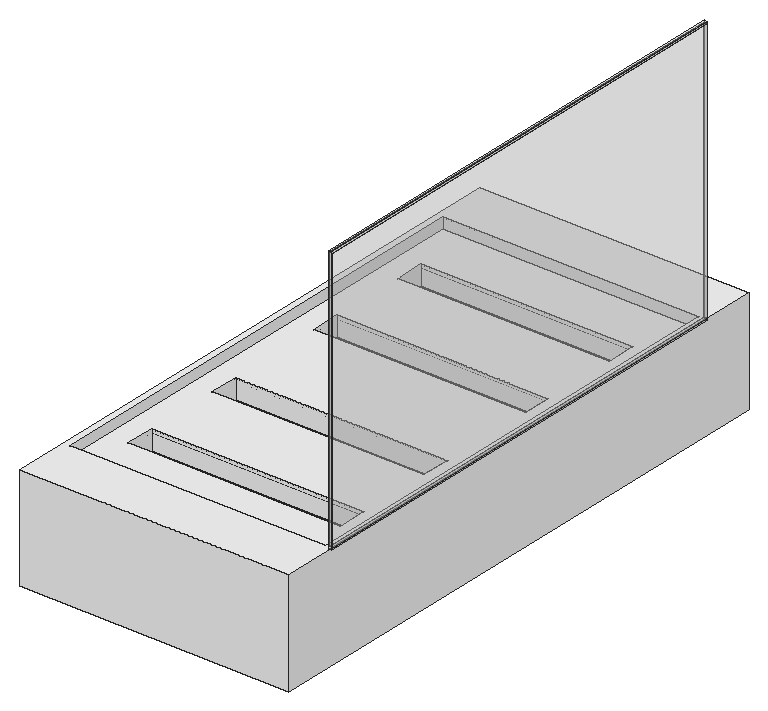
Revit family "Building-SurfaceMountingEnclosures-GEWISS-40CDK-ENCLOSURES_IP65_4X", category Apparecchi elettrici, host Superficie, Revit 2016
Family settings
  Host = Superficie
  Mantenere orientamento annotazione = Sì
  Tipo di parte = Normale
  Quota connettore circolare = Usa diametro
  Numero OmniClass = 23.80.30.11.17
  Titolo OmniClass = Distribution Boards and Control Panels
  Taglio con vuoti quando caricato = No
  Condiviso = No
  Punto di calcolo locali = Sì
Parameters (values of type "GW40109 - SUR. MOU. DISTRIB.BOARD 72M.(18X4) IP65")
  voltaggio_quadro = 0 V
  h_pannello = H_quadro - 160 mm  # 718 mm
  fase1 = 0 VA
  Version file RFA = "18.0"
  VISIBILITA'_QUADRO_IN PIANTA [instance] = yes
  VISIBILITA'_ETICHETTA QUADRO [instance] = yes
  URL = "https://www.gewiss.com/ww/en"
  Type of material = "Halogen-free in compliance with EN 60754-2"
  Thermo-pressure with ball = "70 °C"
  Technical sheet = "https://www.gewiss.com/ww/en/search?q=GW40109"
  Standard. = "EN 60670-1 (CEI 23-48) IEC60670-24 CEI 23-49"
  Standard = "EN 60670-1 (CEI 23-48) IEC60670-24 CEI 23-49"
  Spostamento_x [instance] = 1000 mm
  Spostamento_effettivo_x [instance] = 1000 mm + Spostamento_x  # 2000 mm
  Spostamento_effettivo_x_et [instance] = 1000 mm + Spostamento_x_et  # 2060 mm
  Spostamento_x_et = 1060 mm
  VISIBILITA'_SPORTELLO [instance] = yes
  VISIBILITA'_SIMBOLO_2D [instance] = yes
  Shock resistance = "IK09"
  SEO = "Board"
  Realized by GEWISS S.p.A. = ""
  Rated voltage = "400V"
  Rated insulation voltage (Ui) = "1000 V"
  Rated current: = "125A"
  QUADRO = FINITURA BIANCA
  Default Elevation = 1219.2 mm
  Prondita_quadro = 160 mm  # constant formula
  Produttore = "GEWISS S.p.A."
  Outer dim. LxHxD (mm) = "410x878x160"
  Operating temperature = "-25 +60 °C"
  Nome quadro [instance] = "Nome quadro"
  No. of modules EN 50022: = "72 (18x4)"
  No. of modules EN 50022 = "72 (18x4)"
  N.M. = 18
  Modello = "GW40109"
  Max. installable terminal blocks = "4 x 18 modules"
  L_quadro = 410 mm
  L_finestratura = Dimensione modulo * N.M.  # 324 mm
  Insulation voltage: = "1000 V according to EN 62208 both in ac as well as in dc"
  Insulation class = "II (according to IEC 61140 standards)"
  IP degree = "IP65"
  IDT = "7e0685bc-1a66-4e12-9668-7a0b7038d661"
  IDF = "e275c9cb-e94d-4235-9db2-dc04921218fb"
  H_quadro = 878 mm
  H_finestratura = 45 mm  # constant formula
  Glow Wire Test = "650°C"
  Electrocod = "0321"
  EAN code = "8011564062269"
  Door colour = "Smoked Transparent"
  Dispersible power (W) = "89"
  Dimensione modulo = 18 mm
  Diametro_tubazione = 30 mm
  Descrizione = "SUR. MOU. DISTRIB.BOARD 72M.(18X4) IP65"
  Colour = "Grey RAL 7035"
  Catalogue Range = "40 CDK"
  Catalogue = "BUILDING"
  COBie.Tagnumber = ""
  COBie.CreatedOn = ""
  COBie.CreatebBy = ""
  COBie.ComponentRegisterItemID = ""
  COBie.Component.TagNumber = ""
  COBie.Component.Space = ""
  COBie.Component.SerialNumber = ""
  COBie.Component.InstallationDate = ""
  COBie.Component.Description = ""
  COBie.Component.BarCode = ""
  Apertura [instance] = 48.3006°
  Accessories for insulation restoring = "Screwcaps (GW44623) or fixing brackets in resin (GW44621)"
Reference planes
  plane 1 "Centro (Fronte/Retro)": y = 0
  plane 2: z = 0
  plane 3 "Centro (Sinistra/Destra)": x = 0
  plane 4: x = -205
  plane 5: y = -439
  plane 6: x = 205
  plane 7: y = 439
  plane 8: x = -162
  plane 9: x = 162
  plane 10: z = 160
  plane 11: y = 356
  plane 12: y = -356
  plane 13 "POSIZIONE": z = 144
  plane 14: z = 114
  plane 15: z = 139
  plane 16: x = -2000
  plane 17: x = 0
  plane 18: z = 554
  plane 19: y = 7.5
  plane 20: y = -7.5
  plane 21: x = -195
  plane 22: x = 195
  plane 23: y = -104
  plane 24: y = -81.5
  plane 25: y = -126.5
  plane 26: y = -264
  plane 27: y = -241.5
  plane 28: y = -286.5
  plane 29: y = 90
  plane 30: y = 67.5
  plane 31: y = 112.5
  plane 32: y = 250
  plane 33: y = 227.5
  plane 34: y = 272.5
  plane 35: x = 60
  plane 36: y = -207.5
  plane 37: y = -132.5
  plane 38: y = -47.5
  plane 39: y = 47.5
  plane 40: y = 132.5
  plane 41: y = 207.5
  plane 42: z = 170
  plane 43: y = -336
  plane 44: y = 336
Forms (mm)
  Extrusion 1, solid, material "FINITURA BIANCA" <- "QUADRO"
    sketch origin (0, 0, 0) x (1, 0, 0) y (0, 1, 0)
      loop
        line (-205, 439) -> (-205, -439) -> (205, -439) -> (205, 439) -> (-205, 439)
    from 0 to 160
  Extrusion 2, void
    sketch origin (0, 0, 0) x (1, 0, 0) y (0, 1, 0)
      loop
        line (-195, 356) -> (-195, -356) -> (195, -356) -> (195, 356) -> (-195, 356)
    from 144 to 160
  Extrusion 3, void
    sketch origin (0, 0, 144) x (-1, 0, 0) y (0, -1, 0)
      loop
        line (162, -272.5) -> (162, -227.5) -> (-162, -227.5) -> (-162, -272.5) -> (162, -272.5)
      loop
        line (162, -112.5) -> (162, -67.5) -> (-162, -67.5) -> (-162, -112.5) -> (162, -112.5)
      loop
        line (162, 81.5) -> (162, 126.5) -> (-162, 126.5) -> (-162, 81.5) -> (162, 81.5)
      loop
        line (162, 241.5) -> (162, 286.5) -> (-162, 286.5) -> (-162, 241.5) -> (162, 241.5)
    from -30 to 0
  Extrusion 4, solid, material "SUP_TRASPARENTE"
    sketch origin (0, 0, 114) x (-1, 0, 0) y (0, -1, 0)
      loop
        line (162, -272.5) -> (162, -227.5) -> (-162, -227.5) -> (-162, -272.5) -> (162, -272.5)
      loop
        line (162, -112.5) -> (162, -67.5) -> (-162, -67.5) -> (-162, -112.5) -> (162, -112.5)
      loop
        line (162, 81.5) -> (162, 126.5) -> (-162, 126.5) -> (-162, 81.5) -> (162, 81.5)
      loop
        line (162, 241.5) -> (162, 286.5) -> (-162, 286.5) -> (-162, 241.5) -> (162, 241.5)
    from 25 to 30
Cuts and joins
  Extrusion 2, Extrusion 3 cuts Extrusion 1
Lines and regions (mm)
  Masking region 1, visible <- "VISIBILITA'_QUADRO_IN PIANTA"
    outline origin (0, 0, 0) x (1, 0, 0) y (0, 0, 1)
      loop
        line (-205, 160) -> (-205, 0) -> (205, 0) -> (205, 160) -> (-205, 160)
  model lines, style "InvisibleLines"
    curve 1: line (-162, 90, 144) -> (162, 90, 144)
    curve 2: line (-162, 250, 144) -> (162, 250, 144)
    curve 3: line (-162, -104, 144) -> (162, -104, 144)
    curve 4: line (-162, -264, 144) -> (162, -264, 144)
Dimensions and locks
  equal spacing: plane 8, plane 3 "Centro (Sinistra/Destra)", plane 9
  equal spacing: plane 4, plane 3 "Centro (Sinistra/Destra)", plane 6
  equal spacing: plane 7, plane 1 "Centro (Fronte/Retro)", plane 5
  "L_quadro": plane 4 to plane 6
  "H_quadro": plane 7 to plane 5
  "Prondita_quadro": plane 10 to plane 2
  "L_finestratura": plane 8 to plane 9
  plane 7 to plane 11 = 83 mm
  plane 12 to plane 5 = 83 mm
  locked: plane 13 "POSIZIONE" to plane 14 at 30
  locked: plane 10 to plane 13 "POSIZIONE" at 16
  locked: plane 13 "POSIZIONE" to plane 15 at 5
  plane 16 to plane 3 "Centro (Sinistra/Destra)" = 2000 mm
  "Spostamento_effettivo_x": plane 16 to plane 17
  "L_quadro": plane 18 to plane 13 "POSIZIONE"
  plane 11 to plane 1 "Centro (Fronte/Retro)" = 356 mm
  locked: plane 4 to plane 21 at 10
  locked: plane 22 to plane 6 at 10
  equal spacing: plane 20, plane 1 "Centro (Fronte/Retro)", plane 19
  equal spacing: plane 24, plane 23, plane 25
  plane 24 to plane 25 = 45 mm
  equal spacing: plane 27, plane 26, plane 28
  "H_finestratura": plane 27 to plane 28
  plane 28 to plane 12 = 69.5 mm
  plane 25 to plane 27 = 115 mm
  equal spacing: plane 30, plane 29, plane 31
  equal spacing: plane 33, plane 32, plane 34
  "Spostamento_effettivo_x_et": plane 16 to plane 35
  locked: plane 42 to plane 10 at 10
  locked: plane 11 to plane 44 at 20
  locked: plane 43 to plane 12 at 20
  aligned and locked: plane 2 to host face
  aligned and locked: level to host face
  aligned and locked: Extrusion 1 sketch curve to plane 4
  aligned and locked: Extrusion 1 sketch curve to plane 7
  aligned and locked: Extrusion 1 sketch curve to plane 6
  aligned and locked: Extrusion 1 sketch curve to plane 5
  aligned and locked: plane 10 to Extrusion 1
  aligned and locked: Extrusion 2 sketch curve to plane 11
  aligned and locked: Extrusion 2 sketch curve to plane 12
  aligned and locked: Extrusion 2 to plane 13 "POSIZIONE"
  aligned and locked: plane 10 to Extrusion 2
  aligned and locked: Masking region 1 sketch curve to plane 4
  aligned and locked: Masking region 1 sketch curve to plane 6
  aligned and locked: Masking region 1 sketch curve to level
  aligned and locked: Masking region 1 sketch curve to plane 10
  aligned and locked: plane 17 to nested 2
  aligned and locked: Extrusion 2 sketch curve to plane 21
  aligned and locked: Extrusion 2 sketch curve to plane 22
  aligned and locked: Extrusion 3 sketch curve to plane 8
  aligned and locked: plane 33 to Extrusion 3 sketch curve
  aligned and locked: plane 34 to Extrusion 3 sketch curve
  aligned and locked: Extrusion 3 sketch curve to plane 9
  aligned and locked: plane 31 to Extrusion 3 sketch curve
  aligned and locked: plane 30 to Extrusion 3 sketch curve
  aligned and locked: Extrusion 3 sketch curve to plane 24
  aligned and locked: Extrusion 3 sketch curve to plane 25
  aligned and locked: Extrusion 3 sketch curve to plane 27
  aligned and locked: Extrusion 3 sketch curve to plane 28
  aligned and locked: Extrusion 3 to plane 14
  aligned and locked: Extrusion 3 to Extrusion 2
  aligned and locked: Extrusion 4 sketch curve to plane 8
  aligned and locked: Extrusion 4 sketch curve to plane 9
  aligned and locked: plane 34 to Extrusion 4 sketch curve
  aligned and locked: plane 33 to Extrusion 4 sketch curve
  aligned and locked: plane 31 to Extrusion 4 sketch curve
  aligned and locked: plane 30 to Extrusion 4 sketch curve
  aligned and locked: Extrusion 4 sketch curve to plane 24
  aligned and locked: Extrusion 4 sketch curve to plane 25
  aligned and locked: Extrusion 4 sketch curve to plane 27
  aligned and locked: Extrusion 4 sketch curve to plane 28
  aligned and locked: Extrusion 4 to plane 15
  aligned and locked: plane 13 "POSIZIONE" to Extrusion 4
  aligned and locked: nested 1 to plane 35
  aligned and locked: plane 10 to cut or joined group of Extrusion 1, Extrusion 2, Extrusion 3
  aligned and locked: nested 4 to plane 6
  aligned and locked: nested 4 to plane 10
  aligned and locked: plane 11 to nested 4
  aligned and locked: plane 6 to nested 3
  aligned and locked: nested 3 to plane 10
  aligned and locked: plane 4 to nested 3
Automatic sketch dimensions
  host sketch curve to host sketch curve = 2438.4 mm  (x2)
  plane 9 to Extrusion 3 sketch curve = 0 mm  (x2)
  Extrusion 3 sketch curve to plane 8 = 0 mm  (x3)
  Extrusion 3 sketch curve to plane 9 = 0 mm
  curve 2 to plane 9 = 0 mm
  curve 3 to plane 9 = 0 mm
  curve 1 to plane 9 = 0 mm
  curve 4 to plane 9 = 0 mm
  curve 3 to plane 8 = 0 mm
  curve 1 to plane 8 = 0 mm
  curve 4 to plane 8 = 0 mm
  curve 2 to plane 8 = 0 mm
  plane 32 to curve 2 = 0 mm
  plane 29 to curve 1 = 0 mm
  curve 3 to plane 23 = 0 mm
  curve 4 to plane 26 = 0 mm
  plane 9 to Extrusion 4 sketch curve = 0 mm
  Extrusion 4 sketch curve to plane 8 = 0 mm  (x3)
  Extrusion 4 sketch curve to plane 9 = 0 mm  (x2)
Nested families
  nested 1: "etichetta quadro" at (60, 449.441, 0), visible <- "VISIBILITA'_ETICHETTA QUADRO", type "etichetta quadro"
  nested 2: "CENTRALINO" at (0, 396.712, 0), SIMBOLO ACCESO <- "VISIBILITA'_SIMBOLO_2D", type "CENTRALINO"
    with SIMBOLO ACCESO yes, BORDO ACCESO yes
  nested 3: "apertura in pianta" at (0, 0, 160) x (1, 0, 0) z (0, -1, 0), Angolo apertura <- "Apertura", visible <- "VISIBILITA'_QUADRO_IN PIANTA", type "apertura in pianta", detail levels coarse+medium
    with Apertura 410 mm, Angolo apertura 48.3006°
  nested 4: "Sportello" at (210, 1556, 570) x (0, 0, 1) z (0, -1, 0), Altezza pannello <- "h_pannello", visible <- "VISIBILITA'_SPORTELLO", type "Sportello", detail levels fine
    with Altezza pannello 718 mm, Lunghezza pannello 410 mm
Connectors
  electrical at (0, -439, 80), driven by "voltaggio_quadro", driven by "fase1"
    settings: on cut or joined group of Extrusion 1, Extrusion 2, Extrusion 3, index 1, voltage 0 V, apparent load 0 VA, apparent load phase1 0 VA, apparent load phase2 0 VA, apparent load phase3 0 VA, power factor 1, load classification "Altro", number of poles 1, system type 31, power factor state 1, is connector primary yes, connector utility no, sub classification motor no, connector description ""
  cabletrayconduit at (0, 439, 80), diameter 30, driven by "Diametro_tubazione"
    settings: on cut or joined group of Extrusion 1, Extrusion 2, Extrusion 3, index 2, connector width 300 mm, connector height 300 mm, connector angle 0.00°, system type 32, placement type 0, profile type 0, connector reference index -1, is primary connector yes, connector utility param no, connector description ""
Definition of nested family "Sportello"
  Parameters (values of type "Sportello")
    pannello = none
    Sportello = none
    Spessore pannello = 5 mm
    Default Elevation = 1219.2 mm
    Lunghezza pannello = 230 mm
    Altezza pannello [instance] = 165 mm
    ALtezza da terra = 1200 mm
  Reference planes
    plane 1 "Centro (Fronte/Retro)": y = 0
    plane 2: z = 0
    plane 3 "Centro (Sinistra/Destra)": x = 0
    plane 4: x = -230
    plane 5: y = 5
    plane 6: z = 1365
    plane 7: z = 1200
    plane 8: x = -227
    plane 9: x = -3
    plane 10: z = 1363.5
    plane 11: z = 1201.5
  Forms (mm)
    Extrusion 1, solid
      sketch origin (0, 10, 0) x (1, 0, 0) y (0, 1, 0)
        loop
          line (-230, -10) -> (0, -10) -> (0, -5) -> (-230, -5) -> (-230, -10)
      from 1200 to 1365
    Extrusion 2, void
      sketch origin (0, 0, 0) x (1, 0, 0) y (0, 1, 0)
        loop
          line (-227, 0) -> (-3, 0) -> (-3, 5) -> (-227, 5) -> (-227, 0)
      from 1201.5 to 1363.5
    Extrusion 3, solid, material <- "pannello"
      sketch origin (0, 0, 0) x (1, 0, 0) y (0, 1, 0)
        loop
          line (-227, 5) -> (-227, 0) -> (-3, 0) -> (-3, 5) -> (-227, 5)
      from 1201.5 to 1363.5
  Cuts and joins
    Extrusion 2 cuts Extrusion 1
  Dimensions and locks
    "Lunghezza pannello": plane 4 to plane 3 "Centro (Sinistra/Destra)"
    "Spessore pannello": plane 1 "Centro (Fronte/Retro)" to plane 5
    "Altezza pannello": plane 6 to plane 7
    "ALtezza da terra": plane 7 to plane 2
    locked: plane 4 to plane 8 at 3
    plane 9 to plane 3 "Centro (Sinistra/Destra)" = 3 mm
    locked: plane 6 to plane 10 at 1.5
    locked: plane 11 to plane 7 at 1.5
    aligned and locked: level to plane 2
    aligned and locked: plane 4 to Extrusion 1 sketch curve
    aligned and locked: Extrusion 1 sketch curve to plane 3 "Centro (Sinistra/Destra)"
    aligned and locked: Extrusion 1 to plane 7
    aligned and locked: plane 6 to Extrusion 1
    aligned and locked: plane 1 "Centro (Fronte/Retro)" to Extrusion 1
    aligned and locked: plane 1 "Centro (Fronte/Retro)" to Extrusion 2 sketch curve
    aligned and locked: Extrusion 2 sketch curve to plane 8
    aligned and locked: Extrusion 2 sketch curve to plane 5
    aligned and locked: plane 9 to Extrusion 2 sketch curve
    aligned and locked: plane 10 to Extrusion 2
    aligned and locked: Extrusion 2 to plane 11
    aligned and locked: Extrusion 1 sketch curve to plane 5
    aligned and locked: Extrusion 3 sketch curve to plane 8
    aligned and locked: Extrusion 3 sketch curve to plane 1 "Centro (Fronte/Retro)"
    aligned and locked: Extrusion 3 sketch curve to plane 5
    aligned and locked: Extrusion 3 sketch curve to plane 9
    aligned and locked: plane 10 to Extrusion 3
    aligned and locked: Extrusion 3 to plane 11
  Automatic sketch dimensions
    plane 1 "Centro (Fronte/Retro)" to Extrusion 1 sketch curve = 0 mm
Definition of nested family "etichetta quadro"
  Parameters (values of type "etichetta quadro")
    Nome Quadro = "Nome quadro"
  Reference planes
    plane 1: y = 0
    plane 2: x = 0
  Text (mm)
    label "QE" at (0.542, 2.149, 0), shows "Nome Quadro"
Definition of nested family "CENTRALINO"
  Parameters (values of type "CENTRALINO")
    SIMBOLO ACCESO [instance] = yes
    Distanza dal muro = 4.208 mm
    BORDO ACCESO [instance] = yes
  Reference planes
    plane 1: y = 0
    plane 2: x = 0
  Lines and regions (mm)
    detail lines, visible <- "BORDO ACCESO", not visible
      curve 1: line (-2.443, 10.208, 0) -> (2.057, 10.208, 0)
      curve 2: line (2.057, 10.208, 0) -> (2.057, 4.208, 0)
      curve 3: line (2.057, 4.208, 0) -> (-2.443, 4.208, 0)
      curve 4: line (-2.443, 4.208, 0) -> (-2.443, 10.208, 0)
      curve 5: line (-2.043, 9.808, 0) -> (1.657, 9.808, 0)
      curve 6: line (1.657, 9.808, 0) -> (1.657, 4.608, 0)
      curve 7: line (1.657, 4.608, 0) -> (-2.043, 4.608, 0)
      curve 8: line (-2.043, 4.608, 0) -> (-2.043, 9.808, 0)
    detail lines, visible <- "SIMBOLO ACCESO"
      curve 9: line (0, 1.086, 0) -> (0, 0.282, 0)
      curve 10: line (0.79, 1.086, 0) -> (0.79, 1.877, 0)
      curve 11: line (0.79, 1.877, 0) -> (-0.79, 1.877, 0)
      curve 12: line (-0.79, 1.877, 0) -> (-0.79, 1.086, 0)
      curve 13: line (-0.79, 1.086, 0) -> (0.79, 1.086, 0)
      curve 14: line (0.596, 1.877, 0) -> (0.596, 2.682, 0)
      curve 15: line (0.201, 1.877, 0) -> (0.201, 2.682, 0)
      curve 16: line (-0.194, 1.877, 0) -> (-0.194, 2.682, 0)
      curve 17: line (-0.59, 1.877, 0) -> (-0.59, 2.682, 0)
Definition of nested family "apertura in pianta"
  Parameters (values of type "apertura in pianta")
    Apertura [instance] = 834.934 mm
    Angolo apertura [instance] = 45.00°
  Reference planes
    plane 1 "Centro (Fronte/Retro)": y = 0
    plane 2: z = 0
    plane 3 "Centro (Sinistra/Destra)": x = 0
    plane 4: x = -417.467
    plane 5: x = 417.467
  Lines and regions (mm)
    detail lines, in view "Livello rif."
      curve 1: line (417.467, 0, 0) -> (-417.467, 0, 0)
      curve 2: arc (-417.467, 0, 0) -> (-353.912, 319.516, 0) -> (-172.921, 590.388, 0) r 834.934
      curve 3: line (417.467, 0, 0) -> (-172.921, 590.388, 0)
  Dimensions and locks
    equal spacing: plane 4, plane 3 "Centro (Sinistra/Destra)", plane 5
    "Apertura": plane 4 to plane 5
    "Angolo apertura": angle curve 3 to plane 1 "Centro (Fronte/Retro)"
  Automatic sketch dimensions
    plane 1 "Centro (Fronte/Retro)" to curve 1 = 0 mm
    curve 1 to plane 4 = 0 mm
    curve 3 to plane 5 = 0 mm
    curve 2 to plane 5 = 0 mm
